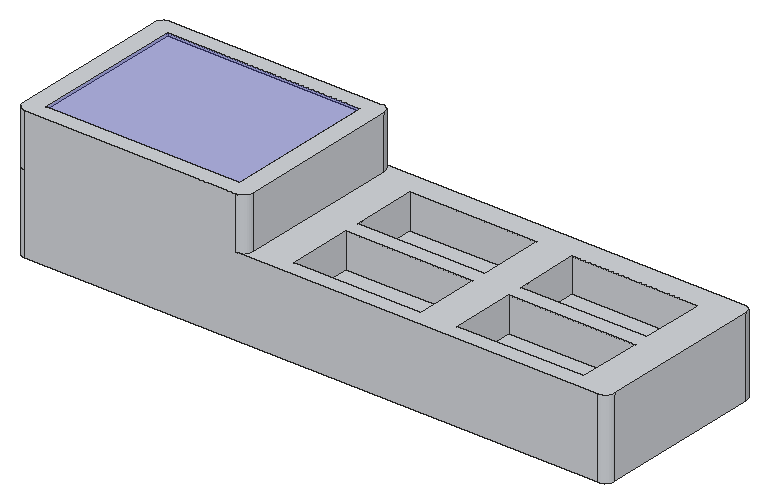
Revit family "Domotics-SerieCivili-GEWISS-27COMBIDIN_SYSTEM-IP40_8M_16SY", category Apparecchi elettrici, host Superficie, Revit 2016 (continued)
Automatic sketch dimensions
  Filled region 27 sketch curve to Filled region 27 sketch curve = 1.667 mm
  Filled region 28 sketch curve to plane 8 = 0 mm
  plane 12 to Filled region 28 sketch curve = 17.636 mm
  Filled region 28 sketch curve to plane 8 = 5 mm
  Filled region 28 sketch curve to Filled region 28 sketch curve = 0.833 mm
  Filled region 28 sketch curve to Filled region 28 sketch curve = 1.667 mm
  plane 6 to Filled region 29 sketch curve = 2.934 mm
  plane 12 to Filled region 29 sketch curve = 17.636 mm
  Filled region 29 sketch curve to plane 8 = 5 mm
  Filled region 29 sketch curve to Filled region 29 sketch curve = 0.833 mm
  Filled region 29 sketch curve to Filled region 29 sketch curve = 1.667 mm
  Filled region 30 sketch curve to level = 0 mm
  level to Filled region 30 sketch curve = 5 mm
  plane 12 to Filled region 30 sketch curve = 17.636 mm
  Filled region 30 sketch curve to Filled region 30 sketch curve = 0.833 mm
  Filled region 30 sketch curve to Filled region 30 sketch curve = 1.667 mm
  Filled region 31 sketch curve to plane 7 = 8.17 mm
  Filled region 31 sketch curve to plane 11 = 29.618 mm
  Filled region 31 sketch curve to plane 7 = 13.17 mm
  Filled region 31 sketch curve to Filled region 31 sketch curve = 0.833 mm
  Filled region 31 sketch curve to Filled region 31 sketch curve = 1.667 mm
  Filled region 32 sketch curve to plane 9 = 3.504 mm
  Filled region 32 sketch curve to plane 11 = 29.618 mm
  Filled region 32 sketch curve to plane 4 "Piano Allineamento Sportellino" = 0.504 mm
  Filled region 32 sketch curve to Filled region 32 sketch curve = 0.833 mm
  Filled region 32 sketch curve to Filled region 32 sketch curve = 1.667 mm
  Filled region 33 sketch curve to plane 11 = 12.088 mm
  Filled region 33 sketch curve to Filled region 33 sketch curve = 0.833 mm
  Filled region 33 sketch curve to Filled region 33 sketch curve = 1.667 mm
  Filled region 33 sketch curve to plane 7 = 13.17 mm
  Filled region 33 sketch curve to Filled region 33 sketch curve = 5 mm
  Filled region 34 sketch curve to plane 8 = 4.704 mm
  Filled region 34 sketch curve to plane 11 = 12.088 mm
  plane 8 to Filled region 34 sketch curve = 0.296 mm
  Filled region 34 sketch curve to Filled region 34 sketch curve = 0.833 mm
  Filled region 34 sketch curve to Filled region 34 sketch curve = 1.667 mm
  plane 6 to Filled region 35 sketch curve = 1.83 mm
  Filled region 35 sketch curve to plane 11 = 11.908 mm
  Filled region 35 sketch curve to plane 11 = 11.074 mm
  Filled region 35 sketch curve to Filled region 35 sketch curve = 1.667 mm
  Filled region 35 sketch curve to plane 7 = 13.17 mm
  Filled region 36 sketch curve to plane 6 = 5.77 mm
  Filled region 36 sketch curve to plane 11 = 11.908 mm
  level to Filled region 36 sketch curve = 1.296 mm
  Filled region 36 sketch curve to plane 11 = 11.074 mm
  Filled region 36 sketch curve to Filled region 36 sketch curve = 1.667 mm
  Extrusion 2 sketch curve to plane 14 = 6.487 mm  (x2)
  Extrusion 2 sketch curve to plane 18 = 4.058 mm
  plane 10 to Extrusion 2 sketch curve = 7 mm
  Extrusion 3 sketch curve to plane 24 = 0 mm
  Extrusion 3 sketch curve to plane 20 = 0 mm
  Extrusion 3 sketch curve to plane 27 = 0 mm
  Extrusion 3 sketch curve to plane 26 = 0 mm
  Extrusion 6 sketch curve to plane 18 = 0 mm
  Extrusion 7 sketch curve to plane 26 = 0 mm
  Extrusion 7 sketch curve to plane 28 = 0 mm
  plane 20 to Extrusion 7 sketch curve = 0 mm
  Extrusion 7 sketch curve to plane 29 = 0.173 mm
  Extrusion 8 sketch curve to plane 24 = 0 mm
  Extrusion 8 sketch curve to plane 25 = 0 mm
  Extrusion 8 sketch curve to plane 27 = 0 mm
  plane 23 to Extrusion 8 sketch curve = 4.381 mm
  Extrusion 9 sketch curve to plane 28 = 0 mm
  plane 25 to Extrusion 9 sketch curve = 0 mm
  Extrusion 9 sketch curve to plane 29 = 0.173 mm
  plane 23 to Extrusion 9 sketch curve = 4.381 mm
Types (2, lengths in mm): name | URL | Produttore | Modello | Descrizione
  (no name) | 0 | 0 | 0 | 0
  GW27073 - Contenitore 8 mod. DIN + (4x4) mod. System | "https://www.gewiss.com/it/it" | "GEWISS S.p.A." | "GW27073" | "CONTENITORE 8MOD.DIN+(4X4)MOD.SYSTEM PR."
